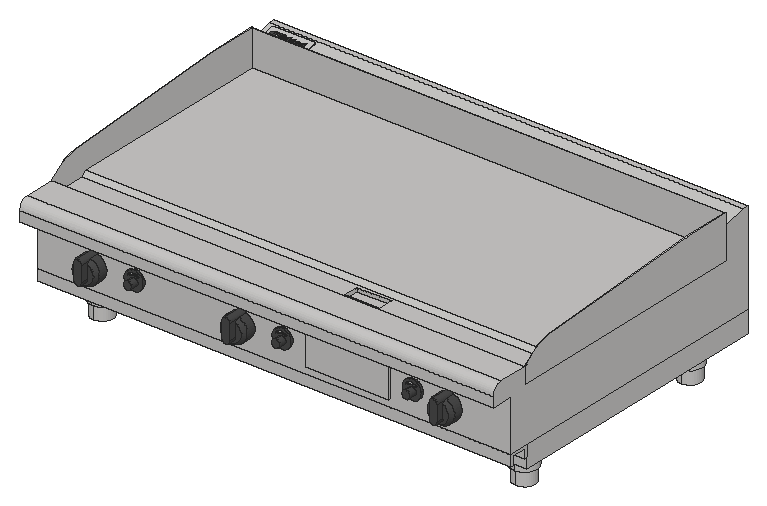
Revit family "QF_MOFFAT WALDORF_GPL8120G-B", category Specialty Equipment, Revit 2012
Parameters
  Width [instance] = 47.24409"  # constant formula
  Weight in Pounds = 432.1055  # constant formula
  URL Cutsheet = "www.moffat.com"
  URL = "www.moffat.com"
  Type Mark [instance] = ""
  Status [instance] = ""
  Specification by User [instance] = ""
  Specification by Manufacturer = ""
  Show Logo [instance] = yes
  Serial Number = ""
  Seismic Rating = ""
  SMACNA No = ""
  Revision Code [instance] = ""
  Omniclass Number and Title = ""
  NAFEM Spec ID Number = ""
  Model = "GPL8120G-B"
  Mechanical Remarks [instance] = ""
  Mechanical Connection Type [instance] = ""
  Masterspec = ""
  Manufacturer = "MOFFAT WALDORF"
  Item Number [instance] = ""
  Installed By [instance] = ""
  Identify Quantity as Lot [instance] = yes
  Height [instance] = 14.56693"  # constant formula
  Gas Size = 3/4"
  Gas RI Height [instance] = 0"
  Gas KW [instance] = 30
  Gas Input [instance] = 102364.0 Btu/h
  Gas Connection Height = 0"
  Furnished By [instance] = ""
  Foodservice Equipment Identifier [instance] = yes
  Description = "GRIDDLE PLATE LOW SPLASHBACK GAS ON BENCH MOUNT"
  Depth [instance] = 31.69291"  # constant formula
  CSI MasterFormat = ""
  CSI Master Format = ""
  Base Height [instance] = 3.14961"
Reference planes (in)
  plane 1 "BACK": y = 0
  plane 2: z = 0
  plane 3 "LEFT": x = 0
  plane 4 "RIGHT": x = 47.24409
  plane 5 "FRONT": y = -31.69291
  plane 6 "TOP": z = 14.56693
  plane 7 "Center Y": x = 23.62205
  plane 8 "Center X": y = -15.84646
  plane 9 "Base Height": z = 3.14961
  plane 10: x = 2.55906
  plane 11: x = 44.64567
Forms (in)
  Extrusion 1, solid, material "QF_Finishes_Stainless Steel"
    sketch origin (0, 0, 0) x (0, 1, 0) y (0, 0, 1)
      loop
        line (-31.69291, 11.45669) -> (-31.69291, 10.47244) -> (-29.48819, 10.47244) -> (-29.48819, 5.31496) -> (0, 5.31496) -> (0, 14.56693) -> (-0.50601, 14.56693) -> (-2.46403, 14.07874)
        arc (-2.46403, 14.07874) -> (-2.69717, 13.90858) -> (-2.75591, 13.62598) r 0.40149
        line (-2.75591, 13.62598) -> (-2.75591, 10.82677) -> (-27.75591, 10.82677) -> (-27.75591, 12.40157) -> (-30.74803, 12.40157)
        arc (-30.74803, 12.40157) -> (-31.41616, 12.12483) -> (-31.69291, 11.45669) r 0.94488
      loop
        line (0, 3.14961) -> (0, 5.28371) -> (-27.51969, 5.28371) -> (-27.51969, 3.14961) -> (0, 3.14961)
      loop
        line (-29.48819, 5.28371) -> (-29.48819, 4.21334) -> (-29.23622, 4.21334) -> (-29.23622, 5.03174) -> (-27.81102, 5.03174) -> (-27.81102, 4.21334) -> (-27.55906, 4.21334) -> (-27.55906, 5.28371) -> (-29.48819, 5.28371)
    from 0 to 47.24409
  Revolve 2, solid, material "QF_Finishes_Stainless Steel"
    sketch origin (44.64567, -8.26772, 0) x (0, 1, 0) y (0, 0, -1)
      loop
        line (3.08071, -3.14961) -> (4.33071, -3.14961) -> (4.33071, 0) -> (3.24803, 0) -> (3.24803, -1.37795) -> (3.08071, -1.37795) -> (3.08071, -3.14961)
      axis (4.33071, -3.14961) -> (4.33071, 0)
    angle from 0 to 360
  Revolve 3, solid, material "QF_Finishes_Stainless Steel"
    sketch origin (2.55906, -8.26772, 0) x (0, 1, 0) y (0, 0, 1)
      loop
        line (3.08071, 3.14961) -> (3.08071, 1.37795) -> (3.24803, 1.37795) -> (3.24803, 0) -> (4.33071, 0) -> (4.33071, 3.14961) -> (3.08071, 3.14961)
      axis (4.33071, 3.14961) -> (4.33071, 0)
    angle from 0 to 360
  Extrusion 4, solid, material "QF_Finishes_Stainless Steel"
    sketch origin (27.75591, 0.11811, -19.68504) x (1, 0, 0) y (0, 1, 0)
      loop
        circle (14.33071, -1.37795) r 0.5315
    from 21.85039 to 22.83465
  Revolve 5, solid, material "QF_Finishes_Black"
    sketch origin (5.90551, 0, -0.00498) x (0, 1, 0) y (0, 0, -1)
      loop
        line (-30.7874, -9.03543) -> (-29.88189, -9.03543) -> (-29.88189, -7.95276) -> (-29.48819, -7.95276) -> (-29.48819, -7.75591) -> (-31.22047, -7.75591) -> (-31.22047, -8.80517) -> (-30.7874, -9.03543)
      axis (-31.22047, -7.75591) -> (-29.48819, -7.75591)
    angle from 0 to 360
  Extrusion 6, solid, material "QF_Finishes_Black"
    sketch origin (11.34919, 0, 0.00123) x (-1, 0, 0) y (0, 0, -1)
      loop
        arc (5.83735, -7.28223) -> (5.44365, -6.88853) -> (5.04995, -7.28223) r 0.3937
        line (5.04995, -7.28223) -> (5.04995, -8.81767)
        arc (5.04995, -8.81767) -> (5.44365, -9.21137) -> (5.83735, -8.81767) r 0.3937
        line (5.83735, -8.81767) -> (5.83735, -7.28223)
    from 29.88189 to 31.81102
  Revolve 7, solid, material "QF_Finishes_Stainless Steel"
    sketch origin (44.64567, -28.93701, 0) x (0, 1, 0) y (0, 0, -1)
      loop
        line (3.08071, -3.14961) -> (4.33071, -3.14961) -> (4.33071, 0) -> (3.24803, 0) -> (3.24803, -1.37795) -> (3.08071, -1.37795) -> (3.08071, -3.14961)
      axis (4.33071, -3.14961) -> (4.33071, 0)
    angle from 0 to 360
  Revolve 8, solid, material "QF_Finishes_Stainless Steel"
    sketch origin (2.55906, -28.93701, 0) x (0, 1, 0) y (0, 0, 1)
      loop
        line (3.08071, 3.14961) -> (3.08071, 1.37795) -> (3.24803, 1.37795) -> (3.24803, 0) -> (4.33071, 0) -> (4.33071, 3.14961) -> (3.08071, 3.14961)
      axis (4.33071, 3.14961) -> (4.33071, 0)
    angle from 0 to 360
  Extrusion 9, solid, material "QF_Finishes_Stainless Steel"
    sketch origin (1.68504, -29.48819, 10.47244) x (0, 0, -1) y (1, 0, 0)
      loop
        line (1.04331, 25.19685) -> (4.4685, 25.19685) -> (4.4685, 33.46457) -> (1.04331, 33.46457) -> (1.04331, 25.19685)
    from 0 to 0.09843
  Extrusion 10, solid, material "QF_Finishes_Stainless Steel"
    sketch origin (1.68504, -29.58661, 10.47244) x (0, 0, -1) y (1, 0, 0)
      loop
        line (1.3189, 33.46457) -> (1.04331, 33.46457) -> (1.04331, 25.19685) -> (1.3189, 25.19685) -> (1.3189, 33.46457)
    from 0 to 0.19685
  Extrusion 11, solid, material "QF_Finishes_Black"
    sketch origin (0, -29.48819, 10.47244) x (0, 0, -1) y (1, 0, 0)
      loop
        circle (2.70669, 9.74409) r 0.94488
      loop
        arc (2.31694, 10.33124) -> (2.00055, 9.749) -> (2.30836, 9.16218) r 0.70345
        arc (2.30836, 9.16218) -> (2.32725, 9.15095) -> (2.34753, 9.15943) r 0.02445
        arc (2.34753, 9.15943) -> (2.40409, 9.26016) -> (2.41764, 9.37489) r 0.29507
        arc (2.41764, 9.37489) -> (2.4096, 9.41142) -> (2.39196, 9.44439) r 0.1367
        arc (2.39196, 9.44439) -> (2.30175, 9.73823) -> (2.38559, 10.03395) r 0.54277
        arc (2.38559, 10.03395) -> (2.41079, 10.08392) -> (2.42122, 10.13891) r 0.20083
        arc (2.42122, 10.13891) -> (2.40663, 10.23806) -> (2.35565, 10.32436) r 0.26029
        arc (2.35565, 10.32436) -> (2.33749, 10.33451) -> (2.31694, 10.33124) r 0.03175
    from 0 to 0.19685
  Extrusion 12, solid, material "QF_Finishes_Black"
    sketch origin (0, -29.68504, 10.47244) x (0, 0, -1) y (1, 0, 0)
      loop
        circle (2.84449, 9.74409) r 0.3937
    from 0 to 0.71853
  Revolve 13, solid, material "QF_Finishes_Black"
    sketch origin (41.33858, 0, -0.00498) x (0, 1, 0) y (0, 0, 1)
      loop
        line (-30.7874, 9.03543) -> (-31.22047, 8.80517) -> (-31.22047, 7.75591) -> (-29.48819, 7.75591) -> (-29.48819, 7.95276) -> (-29.88189, 7.95276) -> (-29.88189, 9.03543) -> (-30.7874, 9.03543)
      axis (-31.22047, 7.75591) -> (-29.48819, 7.75591)
    angle from 0 to 360
  Extrusion 14, solid, material "QF_Finishes_Black"
    sketch origin (35.8949, 0, 0.00123) x (1, 0, 0) y (0, 0, 1)
      loop
        line (5.83735, 7.28223) -> (5.83735, 8.81767)
        arc (5.83735, 8.81767) -> (5.44365, 9.21137) -> (5.04995, 8.81767) r 0.3937
        line (5.04995, 8.81767) -> (5.04995, 7.28223)
        arc (5.04995, 7.28223) -> (5.44365, 6.88853) -> (5.83735, 7.28223) r 0.3937
    from 29.88189 to 31.81102
  Extrusion 15, solid, material "QF_Finishes_Black"
    sketch origin (47.24409, -29.48819, 10.47244) x (0, 0, -1) y (1, 0, 0)
      loop
        circle (2.70669, -9.74409) r 0.94488
      loop
        arc (2.31694, -10.33124) -> (2.33749, -10.33451) -> (2.35565, -10.32436) r 0.03175
        arc (2.35565, -10.32436) -> (2.40663, -10.23806) -> (2.42122, -10.13891) r 0.26029
        arc (2.42122, -10.13891) -> (2.41079, -10.08392) -> (2.38559, -10.03395) r 0.20083
        arc (2.38559, -10.03395) -> (2.30175, -9.73823) -> (2.39196, -9.44439) r 0.54277
        arc (2.39196, -9.44439) -> (2.4096, -9.41142) -> (2.41764, -9.37489) r 0.1367
        arc (2.41764, -9.37489) -> (2.40409, -9.26016) -> (2.34753, -9.15943) r 0.29507
        arc (2.34753, -9.15943) -> (2.32725, -9.15095) -> (2.30836, -9.16218) r 0.02445
        arc (2.30836, -9.16218) -> (2.00055, -9.749) -> (2.31694, -10.33124) r 0.70345
    from 0 to 0.19685
  Extrusion 16, solid, material "QF_Finishes_Black"
    sketch origin (47.24409, -29.68504, 10.47244) x (0, 0, -1) y (1, 0, 0)
      loop
        circle (2.84449, -9.74409) r 0.3937
    from 0 to 0.71853
  Revolve 17, solid, material "QF_Finishes_Black"
    sketch origin (20.66929, 0, -0.00498) x (0, 1, 0) y (0, 0, -1)
      loop
        line (-30.7874, -9.03543) -> (-29.88189, -9.03543) -> (-29.88189, -7.95276) -> (-29.48819, -7.95276) -> (-29.48819, -7.75591) -> (-31.22047, -7.75591) -> (-31.22047, -8.80517) -> (-30.7874, -9.03543)
      axis (-31.22047, -7.75591) -> (-29.48819, -7.75591)
    angle from 0 to 360
  Extrusion 18, solid, material "QF_Finishes_Black"
    sketch origin (26.11297, 0, 0.00123) x (-1, 0, 0) y (0, 0, -1)
      loop
        arc (5.83735, -7.28223) -> (5.44365, -6.88853) -> (5.04995, -7.28223) r 0.3937
        line (5.04995, -7.28223) -> (5.04995, -8.81767)
        arc (5.04995, -8.81767) -> (5.44365, -9.21137) -> (5.83735, -8.81767) r 0.3937
        line (5.83735, -8.81767) -> (5.83735, -7.28223)
    from 29.88189 to 31.81102
  Extrusion 19, solid, material "QF_Finishes_Black"
    sketch origin (14.76378, -29.48819, 10.47244) x (0, 0, -1) y (1, 0, 0)
      loop
        circle (2.70669, 9.74409) r 0.94488
      loop
        arc (2.31694, 10.33124) -> (2.00055, 9.749) -> (2.30836, 9.16218) r 0.70345
        arc (2.30836, 9.16218) -> (2.32725, 9.15095) -> (2.34753, 9.15943) r 0.02445
        arc (2.34753, 9.15943) -> (2.40409, 9.26016) -> (2.41764, 9.37489) r 0.29507
        arc (2.41764, 9.37489) -> (2.4096, 9.41142) -> (2.39196, 9.44439) r 0.1367
        arc (2.39196, 9.44439) -> (2.30175, 9.73823) -> (2.38559, 10.03395) r 0.54277
        arc (2.38559, 10.03395) -> (2.41079, 10.08392) -> (2.42122, 10.13891) r 0.20083
        arc (2.42122, 10.13891) -> (2.40663, 10.23806) -> (2.35565, 10.32436) r 0.26029
        arc (2.35565, 10.32436) -> (2.33749, 10.33451) -> (2.31694, 10.33124) r 0.03175
    from 0 to 0.19685
  Extrusion 20, solid, material "QF_Finishes_Black"
    sketch origin (14.76378, -29.68504, 10.47244) x (0, 0, -1) y (1, 0, 0)
      loop
        circle (2.84449, 9.74409) r 0.3937
    from 0 to 0.71853
Cuts and joins
  joined: Revolve 5, Extrusion 6
  joined: Extrusion 9, Extrusion 10
Lines and regions (in)
  Split face 1
    outline origin (1.93159, -0.78414, 14.49758) x (0, -0.970296, -0.241922) y (1, 0, 0)
      loop
        line (-0.08281, 4.15354) -> (1.41087, 4.15354) -> (1.41087, 4.94094) -> (-0.08281, 4.94094) -> (-0.08281, 4.15354)
  Split face 2
    outline origin (3.9001, -0.78414, 14.49758) x (0, -0.970296, -0.241922) y (1, 0, 0)
      loop
        line (-0.08281, 4.15354) -> (1.41087, 4.15354) -> (1.41087, 4.94094) -> (-0.08281, 4.94094) -> (-0.08281, 4.15354)
  Split face 3
    outline origin (5.8686, -0.78414, 14.49758) x (0, -0.970296, -0.241922) y (1, 0, 0)
      loop
        line (-0.08281, 4.15354) -> (1.41087, 4.15354) -> (1.41087, 4.94094) -> (-0.08281, 4.94094) -> (-0.08281, 4.15354)
  Split face 4
    outline origin (7.83711, -0.78414, 14.49758) x (0, -0.970296, -0.241922) y (1, 0, 0)
      loop
        line (-0.08281, 4.15354) -> (1.41087, 4.15354) -> (1.41087, 4.94094) -> (-0.08281, 4.94094) -> (-0.08281, 4.15354)
  Split face 5
    outline origin (9.80561, -0.78414, 14.49758) x (0, -0.970296, -0.241922) y (1, 0, 0)
      loop
        line (-0.08281, 4.15354) -> (1.41087, 4.15354) -> (1.41087, 4.94094) -> (-0.08281, 4.94094) -> (-0.08281, 4.15354)
  Split face 6
    outline origin (11.77411, -0.78414, 14.49758) x (0, -0.970296, -0.241922) y (1, 0, 0)
      loop
        line (-0.08281, 4.15354) -> (1.41087, 4.15354) -> (1.41087, 4.94094) -> (-0.08281, 4.94094) -> (-0.08281, 4.15354)
  Split face 7
    outline origin (2.03002, -0.78414, 14.49758) x (0, -0.970296, -0.241922) y (1, 0, 0)
      loop
        line (-0.08281, 15.96457) -> (1.41087, 15.96457) -> (1.41087, 16.75197) -> (-0.08281, 16.75197) -> (-0.08281, 15.96457)
  Split face 8
    outline origin (3.99852, -0.78414, 14.49758) x (0, -0.970296, -0.241922) y (1, 0, 0)
      loop
        line (-0.08281, 15.96457) -> (1.41087, 15.96457) -> (1.41087, 16.75197) -> (-0.08281, 16.75197) -> (-0.08281, 15.96457)
  Split face 9
    outline origin (5.96703, -0.78414, 14.49758) x (0, -0.970296, -0.241922) y (1, 0, 0)
      loop
        line (-0.08281, 15.96457) -> (1.41087, 15.96457) -> (1.41087, 16.75197) -> (-0.08281, 16.75197) -> (-0.08281, 15.96457)
  Split face 10
    outline origin (7.93553, -0.78414, 14.49758) x (0, -0.970296, -0.241922) y (1, 0, 0)
      loop
        line (-0.08281, 15.96457) -> (1.41087, 15.96457) -> (1.41087, 16.75197) -> (-0.08281, 16.75197) -> (-0.08281, 15.96457)
  Split face 11
    outline origin (9.90404, -0.78414, 14.49758) x (0, -0.970296, -0.241922) y (1, 0, 0)
      loop
        line (-0.08281, 15.96457) -> (1.41087, 15.96457) -> (1.41087, 16.75197) -> (-0.08281, 16.75197) -> (-0.08281, 15.96457)
  Split face 12
    outline origin (11.87254, -0.78414, 14.49758) x (0, -0.970296, -0.241922) y (1, 0, 0)
      loop
        line (-0.08281, 15.96457) -> (1.41087, 15.96457) -> (1.41087, 16.75197) -> (-0.08281, 16.75197) -> (-0.08281, 15.96457)
  Split face 13
    outline origin (13.84104, -0.78414, 14.49758) x (0, -0.970296, -0.241922) y (1, 0, 0)
      loop
        line (-0.08281, 15.96457) -> (1.41087, 15.96457) -> (1.41087, 16.75197) -> (-0.08281, 16.75197) -> (-0.08281, 15.96457)
  Split face 14
    outline origin (15.83899, -0.78414, 14.49758) x (0, -0.970296, -0.241922) y (1, 0, 0)
      loop
        line (-0.08281, 15.96457) -> (1.41087, 15.96457) -> (1.41087, 16.75197) -> (-0.08281, 16.75197) -> (-0.08281, 15.96457)
  Split face 15
    outline origin (17.8075, -0.78414, 14.49758) x (0, -0.970296, -0.241922) y (1, 0, 0)
      loop
        line (-0.08281, 15.96457) -> (1.41087, 15.96457) -> (1.41087, 16.75197) -> (-0.08281, 16.75197) -> (-0.08281, 15.96457)
  symbolic lines, visible <- "Show Logo"
    curve 1: line (0.49213, -2.04962, 0) -> (0.49213, -0.83067, 0)
    curve 2: line (4.78346, -0.83067, 0) -> (4.78346, -2.04962, 0)
    curve 3: line (0.49213, -0.83067, 0) -> (4.78346, -0.83067, 0)
    curve 4: line (0.49213, -2.04962, 0) -> (4.78346, -2.04962, 0)
  symbolic lines
    curve 5: line (6.08514, -1.99931, 0) -> (6.08514, -0.82613, 0)
    curve 6: line (6.08514, -0.82613, 0) -> (6.87254, -0.82613, 0)
    curve 7: line (6.87254, -0.82613, 0) -> (6.87254, -1.99931, 0)
    curve 8: line (6.87254, -1.99931, 0) -> (6.08514, -1.99931, 0)
    curve 9: line (8.05364, -0.82613, 0) -> (8.05364, -1.99931, 0)
    curve 10: line (8.05364, -1.99931, 0) -> (8.84104, -1.99931, 0)
    curve 11: line (8.84104, -1.99931, 0) -> (8.84104, -0.82613, 0)
    curve 12: line (8.84104, -0.82613, 0) -> (8.05364, -0.82613, 0)
    curve 13: line (10.02215, -0.82613, 0) -> (10.02215, -1.99931, 0)
    curve 14: line (10.02215, -1.99931, 0) -> (10.80955, -1.99931, 0)
    curve 15: line (10.80955, -1.99931, 0) -> (10.80955, -0.82613, 0)
    curve 16: line (10.80955, -0.82613, 0) -> (10.02215, -0.82613, 0)
    curve 17: line (0, -31.69291, 0) -> (47.24409, -31.69291, 0)
    curve 18: line (0, 0, 0) -> (0, -31.69291, 0)
    curve 19: line (47.24409, 0, 0) -> (0, 0, 0)
    curve 20: line (0, -2.75591, 0) -> (47.24409, -2.75591, 0)
    curve 21: line (47.24409, -27.75591, 0) -> (0, -27.75591, 0)
    curve 22: line (11.99065, -0.82613, 0) -> (11.99065, -1.99931, 0)
    curve 23: line (11.99065, -1.99931, 0) -> (12.77805, -1.99931, 0)
    curve 24: line (12.77805, -1.99931, 0) -> (12.77805, -0.82613, 0)
    curve 25: line (12.77805, -0.82613, 0) -> (11.99065, -0.82613, 0)
    curve 26: line (13.95915, -0.82613, 0) -> (13.95915, -1.99931, 0)
    curve 27: line (13.95915, -1.99931, 0) -> (14.74656, -1.99931, 0)
    curve 28: line (14.74656, -1.99931, 0) -> (14.74656, -0.82613, 0)
    curve 29: line (14.74656, -0.82613, 0) -> (13.95915, -0.82613, 0)
    curve 30: line (15.92766, -0.82613, 0) -> (15.92766, -1.99931, 0)
    curve 31: line (15.92766, -1.99931, 0) -> (16.71506, -1.99931, 0)
    curve 32: line (16.71506, -1.99931, 0) -> (16.71506, -0.82613, 0)
    curve 33: line (16.71506, -0.82613, 0) -> (15.92766, -0.82613, 0)
    curve 34: line (17.99459, -0.82613, 0) -> (17.99459, -1.99931, 0)
    curve 35: line (17.99459, -1.99931, 0) -> (18.78199, -1.99931, 0)
    curve 36: line (18.78199, -1.99931, 0) -> (18.78199, -0.82613, 0)
    curve 37: line (18.78199, -0.82613, 0) -> (17.99459, -0.82613, 0)
    curve 38: line (19.96309, -0.82613, 0) -> (19.96309, -1.99931, 0)
    curve 39: line (19.96309, -1.99931, 0) -> (20.75049, -1.99931, 0)
    curve 40: line (20.75049, -1.99931, 0) -> (20.75049, -0.82613, 0)
    curve 41: line (20.75049, -0.82613, 0) -> (19.96309, -0.82613, 0)
    curve 42: line (21.93159, -1.99931, 0) -> (22.719, -1.99931, 0)
    curve 43: line (22.719, -1.99931, 0) -> (22.719, -0.82613, 0)
    curve 44: line (22.719, -0.82613, 0) -> (21.93159, -0.82613, 0)
    curve 45: line (21.93159, -0.82613, 0) -> (21.93159, -1.99931, 0)
    curve 46: line (23.9001, -1.99931, 0) -> (24.6875, -1.99931, 0)
    curve 47: line (24.6875, -1.99931, 0) -> (24.6875, -0.82613, 0)
    curve 48: line (24.6875, -0.82613, 0) -> (23.9001, -0.82613, 0)
    curve 49: line (23.9001, -0.82613, 0) -> (23.9001, -1.99931, 0)
    curve 50: line (26.656, -1.99931, 0) -> (25.8686, -1.99931, 0)
    curve 51: line (25.8686, -1.99931, 0) -> (25.8686, -0.82613, 0)
    curve 52: line (25.8686, -0.82613, 0) -> (26.656, -0.82613, 0)
    curve 53: line (26.656, -0.82613, 0) -> (26.656, -1.99931, 0)
    curve 54: line (27.83711, -1.99931, 0) -> (28.62451, -1.99931, 0)
    curve 55: line (28.62451, -1.99931, 0) -> (28.62451, -0.82613, 0)
    curve 56: line (28.62451, -0.82613, 0) -> (27.83711, -0.82613, 0)
    curve 57: line (27.83711, -0.82613, 0) -> (27.83711, -1.99931, 0)
    curve 58: line (29.80561, -1.99931, 0) -> (30.59301, -1.99931, 0)
    curve 59: line (30.59301, -1.99931, 0) -> (30.59301, -0.82613, 0)
    curve 60: line (30.59301, -0.82613, 0) -> (29.80561, -0.82613, 0)
    curve 61: line (29.80561, -0.82613, 0) -> (29.80561, -1.99931, 0)
    curve 62: line (31.80356, -1.99931, 0) -> (32.59096, -1.99931, 0)
    curve 63: line (32.59096, -1.99931, 0) -> (32.59096, -0.82613, 0)
    curve 64: line (32.59096, -0.82613, 0) -> (31.80356, -0.82613, 0)
    curve 65: line (31.80356, -0.82613, 0) -> (31.80356, -1.99931, 0)
    curve 66: line (33.77207, -1.99931, 0) -> (34.55947, -1.99931, 0)
    curve 67: line (34.55947, -1.99931, 0) -> (34.55947, -0.82613, 0)
    curve 68: line (34.55947, -0.82613, 0) -> (33.77207, -0.82613, 0)
    curve 69: line (33.77207, -0.82613, 0) -> (33.77207, -1.99931, 0)
    curve 70: line (47.24409, -31.69291, 0) -> (47.24409, 0, 0)
Dimensions and locks (in)
  equal spacing: plane 3 "LEFT", plane 7 "Center Y", plane 4 "RIGHT"
  "Width": plane 3 "LEFT" to plane 4 "RIGHT"
  equal spacing: plane 5 "FRONT", plane 8 "Center X", plane 1 "BACK"
  "Depth": plane 5 "FRONT" to plane 1 "BACK"
  "Base Height": plane 9 "Base Height" to level
  locked: plane 6 "TOP" to plane 9 "Base Height" at 11.41732
  level to Extrusion 4 = 2.16535"
  locked: Extrusion 4 to plane 9 "Base Height" at 0.98425
  plane 6 "TOP" to nested 1 to nested 1 = 0.07209" locked, 85/256" locked
  plane 11 to plane 10 = 42.08661"
  plane 6 "TOP" to level = 14.56693"
  aligned and locked: level to plane 2
  aligned and locked: plane 9 "Base Height" to Extrusion 4
  aligned and locked: Revolve 3 sketch curve to plane 9 "Base Height"
Automatic sketch dimensions
  curve 17 to plane 3 "LEFT" = 0"
  plane 1 "BACK" to curve 19 = 0"
  curve 19 to plane 4 "RIGHT" = 0"
  plane 5 "FRONT" to curve 17 = 0"
  plane 3 "LEFT" to curve 1 = 0.49213"
  plane 10 to curve 4 = 2.22441"
  curve 2 to curve 6 = 1.30167"
  curve 5 to curve 8 = 0.7874"
  curve 6 to curve 12 = 1.1811"
  curve 9 to curve 10 = 0.7874"
  curve 11 to curve 16 = 1.1811"
  curve 13 to curve 15 = 0.7874"
  curve 15 to curve 22 = 1.1811"
  curve 22 to curve 24 = 0.7874"
  curve 23 to curve 26 = 1.1811"
  curve 26 to curve 27 = 0.7874"
  curve 27 to curve 30 = 1.1811"
  curve 30 to curve 32 = 0.7874"
  curve 31 to curve 34 = 1.27953"
  curve 34 to curve 35 = 0.7874"
  curve 36 to curve 38 = 1.1811"
  curve 38 to curve 41 = 0.7874"
  curve 39 to curve 42 = 1.1811"
  curve 44 to curve 43 = 0.7874"
  plane 7 "Center Y" to curve 48 = 0.27805"
  curve 46 to curve 46 = 0.7874"
  curve 47 to curve 52 = 1.1811"
  curve 51 to curve 53 = 0.7874"
  curve 50 to curve 54 = 1.1811"
  curve 56 to curve 56 = 0.7874"
  curve 55 to curve 61 = 1.1811"
  curve 58 to curve 58 = 0.7874"
  curve 58 to curve 62 = 1.21055"
  curve 62 to curve 62 = 0.7874"
  curve 63 to curve 68 = 1.1811"
  curve 66 to curve 66 = 0.7874"
  curve 21 to plane 5 "FRONT" = 3.93701"
  curve 20 to curve 19 = 2.75591"
  plane 1 "BACK" to curve 2 = 2.04962"
  plane 1 "BACK" to curve 7 = 1.99931"
  plane 1 "BACK" to curve 59 = 1.99931"
  curve 7 to curve 9 = 0"
  curve 57 to curve 58 = 0"
  curve 10 to curve 13 = 0"
  curve 53 to curve 54 = 0"
  curve 58 to curve 62 = 0"
  curve 62 to curve 66 = 0"
  curve 49 to curve 50 = 0"
  curve 14 to curve 22 = 0"
  curve 45 to curve 46 = 0"
  curve 23 to curve 26 = 0"
  curve 40 to curve 42 = 0"
  curve 27 to curve 30 = 0"
  curve 36 to curve 38 = 0"
  plane 1 "BACK" to curve 2 = 0.83067"
  plane 1 "BACK" to curve 33 = 0.82613"
  plane 1 "BACK" to curve 40 = 0.82613"
  plane 1 "BACK" to curve 29 = 0.82613"
  plane 1 "BACK" to curve 43 = 0.82613"
  plane 1 "BACK" to curve 25 = 0.82613"
  plane 1 "BACK" to curve 47 = 0.82613"
  plane 1 "BACK" to curve 69 = 0.82613"
  plane 1 "BACK" to curve 52 = 0.82613"
  plane 1 "BACK" to curve 16 = 0.82613"
  plane 1 "BACK" to curve 55 = 0.82613"
  plane 1 "BACK" to curve 12 = 0.82613"
  plane 1 "BACK" to curve 59 = 0.82613"
  plane 1 "BACK" to curve 7 = 0.82613"
  plane 1 "BACK" to curve 63 = 0.82613"
  plane 1 "BACK" to curve 37 = 0.82613"
  Revolve 2 sketch curve to plane 9 "Base Height" = 0"
  Revolve 2 sketch curve to level = 0"
  level to Revolve 2 sketch curve = 1.37795"
  plane 1 "BACK" to Revolve 2 sketch curve = 5.18701"
  Revolve 2 sketch curve to Revolve 2 sketch curve = 0.16732"
  Revolve 2 sketch curve to Revolve 2 sketch curve = 1.08268"
  Revolve 2 sketch curve to Revolve 2 sketch curve = 0"
  Revolve 2 sketch curve to Revolve 2 sketch curve = 1.1811"
  Revolve 2 sketch curve to Revolve 2 sketch curve = 2.16535"
  Revolve 3 sketch curve to level = 0"
  level to Revolve 3 sketch curve = 1.37795"
  plane 1 "BACK" to Revolve 3 sketch curve = 5.18701"
  Revolve 3 sketch curve to Revolve 3 sketch curve = 0.16732"
  Revolve 3 sketch curve to Revolve 3 sketch curve = 1.08268"
  Revolve 3 sketch curve to Revolve 3 sketch curve = 0"
  Revolve 3 sketch curve to Revolve 3 sketch curve = 2.16535"
  Revolve 3 sketch curve to Revolve 3 sketch curve = 1.1811"
  plane 1 "BACK" to Extrusion 4 sketch curve = 1.25984"
  plane 11 to Extrusion 4 sketch curve = 2.55906"
  Revolve 5 sketch curve to plane 5 "FRONT" = 0.47244"
  Revolve 5 sketch curve to Revolve 5 sketch curve = 0"  (x2)
  Revolve 5 sketch curve to Revolve 5 sketch curve = 0.43307"
  Revolve 5 sketch curve to Revolve 5 sketch curve = 1/2"
  Revolve 5 sketch curve to Revolve 5 sketch curve = 0.90551"
  Revolve 5 sketch curve to Revolve 5 sketch curve = 0.3937"
  plane 9 "Base Height" to Revolve 5 sketch curve = 5.88084"
  Revolve 5 sketch curve to Revolve 5 sketch curve = 0.23027"
  Revolve 5 sketch curve to Revolve 5 sketch curve = 1.08268"
  Revolve 5 sketch curve to Revolve 5 sketch curve = 0.19685"
  plane 10 to Extrusion 6 sketch curve = 3.74019"
  Extrusion 6 sketch curve to Extrusion 6 sketch curve = 0.3937"
  plane 9 "Base Height" to Extrusion 6 sketch curve = 5.66929"
  Extrusion 6 sketch curve to Extrusion 6 sketch curve = 1.53543"
  Extrusion 1 to Split face 1 sketch curve = 0.20384"
  Split face 1 sketch curve to Extrusion 1 = 6.08514"
  Split face 1 sketch curve to Split face 1 sketch curve = 0.7874"
  Revolve 7 sketch curve to plane 9 "Base Height" = 0"
  Revolve 7 sketch curve to level = 0"
  level to Revolve 7 sketch curve = 1.37795"
  Revolve 7 sketch curve to plane 5 "FRONT" = 5.83661"
  Revolve 7 sketch curve to Revolve 7 sketch curve = 0.16732"
  Revolve 7 sketch curve to Revolve 7 sketch curve = 1.08268"
  Revolve 7 sketch curve to Revolve 7 sketch curve = 0"
  Revolve 7 sketch curve to Revolve 7 sketch curve = 1.1811"
  Revolve 7 sketch curve to Revolve 7 sketch curve = 2.16535"
  Revolve 8 sketch curve to plane 9 "Base Height" = 0"
  Revolve 8 sketch curve to level = 0"
  level to Revolve 8 sketch curve = 1.37795"
  Revolve 8 sketch curve to plane 5 "FRONT" = 5.83661"
  Revolve 8 sketch curve to Revolve 8 sketch curve = 0.16732"
  Revolve 8 sketch curve to Revolve 8 sketch curve = 1.08268"
  Revolve 8 sketch curve to Revolve 8 sketch curve = 0"
  Revolve 8 sketch curve to Revolve 8 sketch curve = 2.16535"
  Revolve 8 sketch curve to Revolve 8 sketch curve = 1.1811"
  Extrusion 1 to Split face 2 sketch curve = 0.20384"
  Split face 2 sketch curve to Extrusion 1 = 8.05364"
  Split face 2 sketch curve to Split face 2 sketch curve = 0.7874"
  Extrusion 1 to Split face 3 sketch curve = 0.20384"
  Split face 3 sketch curve to Extrusion 1 = 10.02215"
  Split face 3 sketch curve to Split face 3 sketch curve = 0.7874"
  Extrusion 1 to Extrusion 9 sketch curve = 1.04331"
  Extrusion 9 sketch curve to Extrusion 1 = 0.68898"
  Extrusion 1 to Extrusion 9 sketch curve = 20.3622"
  Extrusion 9 sketch curve to Extrusion 9 sketch curve = 8.26772"
  Extrusion 10 sketch curve to Extrusion 9 = 0"  (x2)
  Extrusion 9 to Extrusion 10 sketch curve = 0"
  Extrusion 10 sketch curve to Extrusion 9 = 0.27559"
  Extrusion 1 to Extrusion 11 sketch curve = 2.1235"
  Extrusion 11 sketch curve to Extrusion 11 sketch curve = 0.03772"
  Extrusion 11 sketch curve to Extrusion 11 sketch curve = 0.0594"
  Extrusion 11 sketch curve to Extrusion 11 sketch curve = 0.15788"
  Extrusion 11 sketch curve to Extrusion 11 sketch curve = 0.02698"
  Extrusion 11 sketch curve to Extrusion 11 sketch curve = 0.09632"
  Extrusion 11 sketch curve to Extrusion 11 sketch curve = 0.02061"
  Extrusion 11 sketch curve to Extrusion 11 sketch curve = 0.015"
  Extrusion 11 sketch curve to Extrusion 11 sketch curve = 0.01857"
  Extrusion 11 sketch curve to Extrusion 11 sketch curve = 0"  (x5)
  Extrusion 11 sketch curve to Extrusion 11 sketch curve = 0.02372"
  Extrusion 11 sketch curve to Extrusion 11 sketch curve = 0.16497"
  Extrusion 11 sketch curve to Extrusion 11 sketch curve = 0.11058"
  Extrusion 11 sketch curve to Extrusion 11 sketch curve = 0.02568"
  Extrusion 11 sketch curve to Extrusion 11 sketch curve = 0.03563"
  Extrusion 11 sketch curve to Extrusion 11 sketch curve = 0.31839"
  Extrusion 11 sketch curve to Extrusion 11 sketch curve = 0.00271"
  Extrusion 11 sketch curve to Extrusion 11 sketch curve = 0.1378"
  Extrusion 1 to Extrusion 11 sketch curve = 9.15943"
  Extrusion 11 sketch curve to Extrusion 11 sketch curve = 0.00276"
  Extrusion 11 sketch curve to Extrusion 11 sketch curve = 0.29944"
  Extrusion 11 sketch curve to Extrusion 11 sketch curve = 0.00026"
  Extrusion 1 to Split face 4 sketch curve = 0.20384"
  Split face 4 sketch curve to Extrusion 1 = 11.99065"
  Split face 4 sketch curve to Split face 4 sketch curve = 0.7874"
  Extrusion 1 to Split face 5 sketch curve = 0.20384"
  Split face 5 sketch curve to Extrusion 1 = 13.95915"
  Split face 5 sketch curve to Split face 5 sketch curve = 0.7874"
  Extrusion 1 to Split face 6 sketch curve = 0.20384"
  Split face 6 sketch curve to Extrusion 1 = 15.92766"
  Split face 6 sketch curve to Split face 6 sketch curve = 0.7874"
  Extrusion 1 to Split face 7 sketch curve = 0.20384"
  Split face 7 sketch curve to Extrusion 1 = 17.99459"
  Split face 7 sketch curve to Split face 7 sketch curve = 0.7874"
  Extrusion 1 to Split face 8 sketch curve = 0.20384"
  Split face 8 sketch curve to Extrusion 1 = 19.96309"
  Split face 8 sketch curve to Split face 8 sketch curve = 0.7874"
  Extrusion 1 to Split face 9 sketch curve = 0.20384"
  Split face 9 sketch curve to Extrusion 1 = 21.93159"
  Split face 9 sketch curve to Split face 9 sketch curve = 0.7874"
  Extrusion 1 to Split face 10 sketch curve = 0.20384"
  Split face 10 sketch curve to Extrusion 1 = 23.344"
  Split face 10 sketch curve to Split face 10 sketch curve = 0.7874"
  Extrusion 1 to Split face 11 sketch curve = 0.20384"
  Split face 11 sketch curve to Extrusion 1 = 21.37549"
  Split face 11 sketch curve to Split face 11 sketch curve = 0.7874"
  Revolve 13 sketch curve to plane 5 "FRONT" = 0.47244"
  Revolve 13 sketch curve to Revolve 13 sketch curve = 0"  (x2)
  Revolve 13 sketch curve to Revolve 13 sketch curve = 0.43307"
  Revolve 13 sketch curve to Revolve 13 sketch curve = 1/2"
  Revolve 13 sketch curve to Revolve 13 sketch curve = 0.90551"
  Revolve 13 sketch curve to Revolve 13 sketch curve = 0.3937"
  plane 9 "Base Height" to Revolve 13 sketch curve = 4.60132"
  Revolve 13 sketch curve to Revolve 13 sketch curve = 0.19685"
  Revolve 13 sketch curve to Revolve 13 sketch curve = 1.04926"
  Revolve 13 sketch curve to Revolve 13 sketch curve = 0.23027"
  plane 11 to Extrusion 14 sketch curve = 3.70082"
  Extrusion 14 sketch curve to Extrusion 14 sketch curve = 0.3937"
  plane 9 "Base Height" to Extrusion 14 sketch curve = 4.13386"
  Extrusion 14 sketch curve to Extrusion 14 sketch curve = 1.53543"
  Extrusion 1 to Extrusion 15 sketch curve = 2.1235"
  Extrusion 15 sketch curve to Extrusion 15 sketch curve = 0.03772"
  Extrusion 15 sketch curve to Extrusion 15 sketch curve = 0.0594"
  Extrusion 15 sketch curve to Extrusion 15 sketch curve = 0.15788"
  Extrusion 15 sketch curve to Extrusion 15 sketch curve = 0.02698"
  Extrusion 15 sketch curve to Extrusion 15 sketch curve = 0.09632"
  Extrusion 15 sketch curve to Extrusion 15 sketch curve = 0.02061"
  Extrusion 15 sketch curve to Extrusion 15 sketch curve = 0.015"
  Extrusion 15 sketch curve to Extrusion 15 sketch curve = 0.01857"
  Extrusion 15 sketch curve to Extrusion 15 sketch curve = 0"  (x5)
  Extrusion 15 sketch curve to Extrusion 15 sketch curve = 0.02372"
  Extrusion 15 sketch curve to Extrusion 15 sketch curve = 0.16497"
  Extrusion 15 sketch curve to Extrusion 15 sketch curve = 0.11058"
  Extrusion 15 sketch curve to Extrusion 15 sketch curve = 0.02568"
  Extrusion 15 sketch curve to Extrusion 15 sketch curve = 0.03563"
  Extrusion 15 sketch curve to Extrusion 15 sketch curve = 0.31839"
  Extrusion 15 sketch curve to Extrusion 15 sketch curve = 0.00271"
  Extrusion 15 sketch curve to Extrusion 15 sketch curve = 0.1378"
  Extrusion 1 to Extrusion 15 sketch curve = 10.33124"
  Extrusion 15 sketch curve to Extrusion 15 sketch curve = 0.00688"
  Extrusion 15 sketch curve to Extrusion 15 sketch curve = 0.28986"
  Extrusion 15 sketch curve to Extrusion 15 sketch curve = 0.00026"
  Revolve 17 sketch curve to plane 5 "FRONT" = 0.47244"
  Revolve 17 sketch curve to Revolve 17 sketch curve = 0"  (x2)
  Revolve 17 sketch curve to Revolve 17 sketch curve = 0.43307"
  Revolve 17 sketch curve to Revolve 17 sketch curve = 1/2"
  Revolve 17 sketch curve to Revolve 17 sketch curve = 0.90551"
  Revolve 17 sketch curve to Revolve 17 sketch curve = 0.3937"
  plane 9 "Base Height" to Revolve 17 sketch curve = 5.88084"
  Revolve 17 sketch curve to Revolve 17 sketch curve = 0.23027"
  Revolve 17 sketch curve to Revolve 17 sketch curve = 1.08268"
  Revolve 17 sketch curve to Revolve 17 sketch curve = 0.19685"
  Extrusion 18 sketch curve to plane 7 "Center Y" = 2.55903"
  Extrusion 18 sketch curve to Extrusion 18 sketch curve = 0.3937"
  plane 9 "Base Height" to Extrusion 18 sketch curve = 5.66929"
  Extrusion 18 sketch curve to Extrusion 18 sketch curve = 1.53543"
  Extrusion 1 to Extrusion 19 sketch curve = 2.1235"
  Extrusion 19 sketch curve to Extrusion 19 sketch curve = 0.03772"
  Extrusion 19 sketch curve to Extrusion 19 sketch curve = 0.0594"
  Extrusion 19 sketch curve to Extrusion 19 sketch curve = 0.15788"
  Extrusion 19 sketch curve to Extrusion 19 sketch curve = 0.02698"
  Extrusion 19 sketch curve to Extrusion 19 sketch curve = 0.09632"
  Extrusion 19 sketch curve to Extrusion 19 sketch curve = 0.02061"
  Extrusion 19 sketch curve to Extrusion 19 sketch curve = 0.015"
  Extrusion 19 sketch curve to Extrusion 19 sketch curve = 0.01857"
  Extrusion 19 sketch curve to Extrusion 19 sketch curve = 0"  (x5)
  Extrusion 19 sketch curve to Extrusion 19 sketch curve = 0.02372"
  Extrusion 19 sketch curve to Extrusion 19 sketch curve = 0.16497"
  Extrusion 19 sketch curve to Extrusion 19 sketch curve = 0.11058"
  Extrusion 19 sketch curve to Extrusion 19 sketch curve = 0.02568"
  Extrusion 19 sketch curve to Extrusion 19 sketch curve = 0.03563"
  Extrusion 19 sketch curve to Extrusion 19 sketch curve = 0.31839"
  Extrusion 19 sketch curve to Extrusion 19 sketch curve = 0.00271"
  Extrusion 19 sketch curve to Extrusion 19 sketch curve = 0.1378"
  Extrusion 1 to Extrusion 19 sketch curve = 23.32089"
  Extrusion 19 sketch curve to Extrusion 19 sketch curve = 0.00276"
  Extrusion 19 sketch curve to Extrusion 19 sketch curve = 0.29944"
  Extrusion 19 sketch curve to Extrusion 19 sketch curve = 0.00026"
  Extrusion 1 to Split face 12 sketch curve = 0.20384"
  Split face 12 sketch curve to Extrusion 1 = 19.40699"
  Split face 12 sketch curve to Split face 12 sketch curve = 0.7874"
  Extrusion 1 to Split face 13 sketch curve = 0.20384"
  Split face 13 sketch curve to Extrusion 1 = 17.43848"
  Split face 13 sketch curve to Split face 13 sketch curve = 0.7874"
  Extrusion 1 to Split face 14 sketch curve = 0.20384"
  Split face 14 sketch curve to Extrusion 1 = 15.44053"
  Split face 14 sketch curve to Split face 14 sketch curve = 0.7874"
  Extrusion 1 to Split face 15 sketch curve = 0.20384"
  Split face 15 sketch curve to Extrusion 1 = 13.47203"
  Split face 15 sketch curve to Split face 15 sketch curve = 0.7874"
  Extrusion 1 sketch curve to plane 5 "FRONT" = 0"
  Extrusion 1 sketch curve to plane 9 "Base Height" = 0"
  Extrusion 1 sketch curve to plane 6 "TOP" = 0"
  Extrusion 1 sketch curve to plane 1 "BACK" = 0"  (x2)
  Extrusion 1 sketch curve to plane 5 "FRONT" = 0.94488"
  Extrusion 1 sketch curve to plane 5 "FRONT" = 2.20472"
  Extrusion 1 sketch curve to Extrusion 1 sketch curve = 0"
  Extrusion 1 sketch curve to Extrusion 1 sketch curve = 0.25197"  (x3)
  Extrusion 1 sketch curve to Extrusion 1 sketch curve = 1.4252"
  Extrusion 1 sketch curve to Extrusion 1 sketch curve = 1.73228"
  Extrusion 1 sketch curve to Extrusion 1 sketch curve = 0.03937"
  plane 1 "BACK" to Extrusion 1 sketch curve = 2.75591"
  Extrusion 1 sketch curve to plane 6 "TOP" = 0.48819"
  Extrusion 1 sketch curve to Extrusion 1 sketch curve = 0.29187"
  Extrusion 1 sketch curve to Extrusion 1 sketch curve = 0.10432"
  plane 1 "BACK" to Extrusion 1 sketch curve = 0.50601"
  plane 9 "Base Height" to Extrusion 1 sketch curve = 1.06373"  (x2)
  Extrusion 1 sketch curve to Extrusion 1 sketch curve = 0.81841"
  plane 9 "Base Height" to Extrusion 1 sketch curve = 2.1341"
  Extrusion 1 sketch curve to Extrusion 1 sketch curve = 1/32"
  Extrusion 1 sketch curve to plane 6 "TOP" = 4.09449"
  Extrusion 1 sketch curve to Extrusion 1 sketch curve = 0.35433"
  Extrusion 1 sketch curve to Extrusion 1 sketch curve = 0.98425"
  Extrusion 1 sketch curve to Extrusion 1 sketch curve = 0.45276"
  Split face 1 sketch curve to Extrusion 1 = 0.32045"
  Split face 2 sketch curve to Extrusion 1 = 0.32045"
  Split face 3 sketch curve to Extrusion 1 = 0.32045"
  Split face 4 sketch curve to Extrusion 1 = 0.32045"
  Split face 5 sketch curve to Extrusion 1 = 0.32045"
  Split face 6 sketch curve to Extrusion 1 = 0.32045"
  Split face 7 sketch curve to Extrusion 1 = 0.32045"
  Split face 8 sketch curve to Extrusion 1 = 0.32045"
  Split face 9 sketch curve to Extrusion 1 = 0.32045"
  Split face 10 sketch curve to Extrusion 1 = 0.32045"
  Split face 11 sketch curve to Extrusion 1 = 0.32045"
  Split face 12 sketch curve to Extrusion 1 = 0.32045"
  Split face 13 sketch curve to Extrusion 1 = 0.32045"
  Split face 14 sketch curve to Extrusion 1 = 0.32045"
  Split face 15 sketch curve to Extrusion 1 = 0.32045"
  radius of Extrusion 4 sketch curve = 0.5315"
  radius of Extrusion 11 sketch curve = 0.94488"
  radius of Extrusion 12 sketch curve to Extrusion 11 = 0.14907"
  radius of Extrusion 15 sketch curve = 0.94488"
  radius of Extrusion 16 sketch curve to Extrusion 15 = 0.14907"
  radius of Extrusion 19 sketch curve = 0.94488"
  radius of Extrusion 20 sketch curve to Extrusion 19 = 0.14907"
Nested families (in)
  nested 1: "WALDORF LOGO" at (0.49213, -1.42122, 13.69089), visible <- "Show Logo", type "WALDORF LOGO", detail levels medium+fine
    with Type Mark "", Status "", Specification by User "", Show Logo yes, Revision Code "", Item Number "", Installed By "", Identify Quantity as Lot yes, Furnished By "", Foodservice Equipment Identifier yes
  nested 2: "GAS GRIDDLE PLATE" at (0, -2.75591, 10.80709), type "GAS GRIDDLE PLATE"
    with Type Mark "", Status "", Specification by User "", Show Clearance yes, Revision Code "", Item Number "", Installed By "", Identify Quantity as Lot yes, Furnished By "", Foodservice Equipment Identifier yes
Connectors (in)
  piping at (42.08661, -1.25984, 2.16535)
    settings: on Extrusion 4, index 2, connector radius 3/8", flow factor 0, pipe flow 0 GPM, pressure drop 0.00 psi, fitting loss kfactor 0, connector angle 0.00°, fixture units 0, engagement length 0", flow configuration 1, flow direction 1, fitting loss method 0, system type 7, joint type 0, gender type 0, connector reference index -1, connector utility 0, adjustable connector no, is connector primary yes, fitting loss table "", connector description "GAS CONNECTION"
Definition of nested family "WALDORF LOGO"
  Parameters (values of type "WALDORF LOGO")
    Weight in Pounds = 0
    URL Cutsheet = ""
    Type Mark [instance] = ""
    Status [instance] = ""
    Specification by User [instance] = ""
    Specification by Manufacturer = ""
    Show Logo [instance] = yes
    Serial Number = ""
    Seismic Rating = ""
    SMACNA No = ""
    Revision Code [instance] = ""
    Omniclass Number and Title = ""
    NAFEM Spec ID Number = ""
    Masterspec = ""
    Item Number [instance] = ""
    Installed By [instance] = ""
    Identify Quantity as Lot [instance] = yes
    Furnished By [instance] = ""
    Foodservice Equipment Identifier [instance] = yes
    CSI MasterFormat = ""
    CSI Master Format = ""
  Reference planes (in)
    plane 1 "BACK": y = 0
    plane 2: z = 0
    plane 3 "LEFT": x = 0
    plane 4 "RIGHT": x = 4.29134
    plane 5 "FRONT": y = -0.0625
    plane 6 "TOP": z = 1.34409
    plane 7 "Center Y": x = 2.14567
    plane 8 "Center X": y = -0.03125
  Forms (in)
    Extrusion 1, solid, material "QF_Finishes_Stainless Steel", visible <- "Show Logo"
      sketch origin (0, -0.66606, 0.4719) x (1, 0, 0) y (0, 0.969005, 0.247042)
        loop
          arc (0.19685, 1.34409) -> (0.05766, 1.28644) -> (0, 1.14724) r 0.19685
          line (0, 1.14724) -> (0, 0.19685)
          arc (0, 0.19685) -> (0.05766, 0.05766) -> (0.19685, 0) r 0.19685
          line (0.19685, 0) -> (4.09449, 0)
          arc (4.09449, 0) -> (4.23368, 0.05766) -> (4.29134, 0.19685) r 0.19685
          line (4.29134, 0.19685) -> (4.29134, 1.14724)
          arc (4.29134, 1.14724) -> (4.23368, 1.28644) -> (4.09449, 1.34409) r 0.19685
          line (4.09449, 1.34409) -> (0.19685, 1.34409)
      from 0 to 0.0625
    Extrusion 2, solid, material "QF_Finishes_Black", visible <- "Show Logo"
      sketch origin (0, -0.6815, 0.53246) x (1, 0, 0) y (0, 0.969005, 0.247042)
        loop
          line (0.97529, 0.91394) -> (1.10205, 0.40555) -> (1.24216, 0.40555) -> (1.31667, 0.68363) -> (1.38601, 0.40555) -> (1.54851, 0.40555) -> (1.65657, 0.91394) -> (1.50992, 0.91394) -> (1.44394, 0.60355) -> (1.37797, 0.91394) -> (1.25007, 0.91394) -> (1.18409, 0.60355) -> (1.11812, 0.91394) -> (0.97529, 0.91394)
        loop
          line (1.66424, 0.67145) -> (1.79935, 0.67145)
          spline (1.79935, 0.67145) -> (1.80084, 0.68049) -> (1.8052, 0.68892) -> (1.81214, 0.69616) -> (1.82119, 0.70171) -> (1.83172, 0.7052) -> (1.84303, 0.70639) -> (1.85433, 0.7052) -> (1.86487, 0.70171) -> (1.87391, 0.69616) -> (1.88085, 0.68892) -> (1.88522, 0.68049) -> (1.8867, 0.67145)
          line (1.8867, 0.67145) -> (1.8867, 0.63866)
          arc (1.8867, 0.63866) -> (1.80086, 0.63047) -> (1.71911, 0.60304) r 0.3781
          arc (1.71911, 0.60304) -> (1.65056, 0.50429) -> (1.71911, 0.40555) r 0.1054
          arc (1.71911, 0.40555) -> (1.79242, 0.4076) -> (1.86346, 0.42583) r 0.32932
          line (1.86346, 0.42583) -> (1.8934, 0.4372) -> (1.8934, 0.40555) -> (2.04004, 0.40555) -> (2.04004, 0.67145)
          spline (2.04004, 0.67145) -> (2.03364, 0.70162) -> (2.01487, 0.72973) -> (1.98501, 0.75387) -> (1.94609, 0.77239) -> (1.90077, 0.78403) -> (1.85214, 0.788) -> (1.80351, 0.78403) -> (1.75819, 0.77239) -> (1.71928, 0.75387) -> (1.68942, 0.72973) -> (1.67064, 0.70162) -> (1.66424, 0.67145)
        loop
          line (2.09256, 0.91394) -> (2.09256, 0.40555) -> (2.25865, 0.40555) -> (2.25865, 0.91394) -> (2.09256, 0.91394)
        loop
          line (2.55408, 0.91394) -> (2.55408, 0.7424)
          arc (2.55408, 0.7424) -> (2.28672, 0.59489) -> (2.55408, 0.44737) r 0.17438
          line (2.55408, 0.44737) -> (2.55408, 0.40555) -> (2.69204, 0.40555) -> (2.69204, 0.91394) -> (2.55408, 0.91394)
        loop
          arc (2.55408, 0.6332) -> (2.41772, 0.59004) -> (2.55408, 0.54689) r 0.07501
          line (2.55408, 0.54689) -> (2.55408, 0.6332)
        loop
          circle (2.93792, 0.59932) r 0.19685
        loop
          spline (2.93792, 0.70298) -> (2.92737, 0.69944) -> (2.91754, 0.68909) -> (2.90909, 0.67262) -> (2.90261, 0.65115) -> (2.89854, 0.62615) -> (2.89715, 0.59932) -> (2.89854, 0.57249) -> (2.90261, 0.54749) -> (2.90909, 0.52602) -> (2.91754, 0.50954) -> (2.92737, 0.49919) -> (2.93792, 0.49566)
          spline (2.93792, 0.49566) -> (2.94847, 0.49919) -> (2.9583, 0.50954) -> (2.96674, 0.52602) -> (2.97322, 0.54749) -> (2.97729, 0.57249) -> (2.97868, 0.59932) -> (2.97729, 0.62615) -> (2.97322, 0.65115) -> (2.96674, 0.67262) -> (2.9583, 0.68909) -> (2.94847, 0.69944) -> (2.93792, 0.70298)
        loop
          line (3.19903, 0.78003) -> (3.19903, 0.40555) -> (3.33994, 0.40555) -> (3.33994, 0.55809)
          arc (3.33994, 0.55809) -> (3.38007, 0.63357) -> (3.46509, 0.64251) r 0.09104
          line (3.46509, 0.64251) -> (3.46509, 0.78003) -> (3.43153, 0.78003)
          arc (3.43153, 0.78003) -> (3.36715, 0.75849) -> (3.3287, 0.70254) r 0.10698
          line (3.3287, 0.70254) -> (3.3287, 0.78003) -> (3.19903, 0.78003)
        loop
          line (3.55311, 0.78003) -> (3.50041, 0.78003) -> (3.50041, 0.69348) -> (3.55311, 0.69348) -> (3.55311, 0.40555) -> (3.7007, 0.40555) -> (3.7007, 0.69348) -> (3.7566, 0.69348) -> (3.7566, 0.78003) -> (3.7007, 0.78003)
          arc (3.7007, 0.78003) -> (3.71707, 0.81956) -> (3.7566, 0.83593) r 0.05591
          line (3.7566, 0.83593) -> (3.7566, 0.92922) -> (3.67389, 0.92922)
          arc (3.67389, 0.92922) -> (3.59618, 0.9017) -> (3.55311, 0.8314) r 0.12349
          line (3.55311, 0.8314) -> (3.55311, 0.78003)
        loop
          arc (0.60004, 0.92798) -> (0.3304, 0.65058) -> (0.60004, 0.37318) r 0.27751
          line (0.60004, 0.37318) -> (0.60004, 0.92798)
        loop
          line (0.61579, 0.92798) -> (0.61579, 0.37318)
          arc (0.61579, 0.37318) -> (0.88543, 0.65058) -> (0.61579, 0.92798) r 0.27751
        loop
          arc (1.8867, 0.57916) -> (1.8215, 0.54129) -> (1.8867, 0.50342) r 0.0436
          line (1.8867, 0.50342) -> (1.8867, 0.57916)
      from 0 to 0.00787
  Dimensions and locks (in)
    equal spacing: plane 3 "LEFT", plane 7 "Center Y", plane 4 "RIGHT"
    plane 3 "LEFT" to plane 4 "RIGHT" = 4.29134"
    equal spacing: plane 5 "FRONT", plane 8 "Center X", plane 1 "BACK"
    plane 5 "FRONT" to plane 1 "BACK" = 1/16"
    aligned and locked: level to plane 2
  Automatic sketch dimensions
    Extrusion 1 sketch curve to plane 3 "LEFT" = 0"
    Extrusion 1 sketch curve to plane 4 "RIGHT" = 0"
    plane 3 "LEFT" to Extrusion 1 sketch curve = 0.19685"  (x2)
    plane 4 "RIGHT" to Extrusion 1 sketch curve = 0.19685"  (x2)
    Extrusion 1 sketch curve to Extrusion 1 sketch curve = 0.95039"
    Extrusion 2 sketch curve to Extrusion 2 sketch curve = 0"  (x14)
    Extrusion 2 sketch curve to Extrusion 1 = 0.60004"
    Extrusion 2 sketch curve to Extrusion 2 sketch curve = 0.00787"
    Extrusion 2 sketch curve to Extrusion 2 sketch curve = 0.01575"
    Extrusion 2 sketch curve to Extrusion 2 sketch curve = 0.3595"
    Extrusion 2 sketch curve to Extrusion 1 = 0.40555"  (x2)
    Extrusion 2 sketch curve to Extrusion 2 sketch curve = 0.48625"
    Extrusion 2 sketch curve to Extrusion 2 sketch curve = 0.14283"
    Extrusion 2 sketch curve to Extrusion 2 sketch curve = 21/256"
    Extrusion 2 sketch curve to Extrusion 2 sketch curve = 0.14011"
    Extrusion 2 sketch curve to Extrusion 1 = 0.43016"  (x2)
    Extrusion 2 sketch curve to Extrusion 2 sketch curve = 0.13195"  (x2)
    Extrusion 2 sketch curve to Extrusion 2 sketch curve = 0.13258"
    Extrusion 2 sketch curve to Extrusion 2 sketch curve = 0.1279"
    Extrusion 2 sketch curve to Extrusion 2 sketch curve = 0.14385"
    Extrusion 2 sketch curve to Extrusion 1 = 0.60355"
    Extrusion 2 sketch curve to Extrusion 2 sketch curve = 0.12727"
    Extrusion 2 sketch curve to Extrusion 2 sketch curve = 0.1625"
    Extrusion 2 sketch curve to Extrusion 2 sketch curve = 0.14665"
    Extrusion 2 sketch curve to Extrusion 2 sketch curve = 0.2203"
    Extrusion 2 sketch curve to Extrusion 2 sketch curve = 0.1706"
    Extrusion 2 sketch curve to Extrusion 2 sketch curve = 0.05487"
    Extrusion 2 sketch curve to Extrusion 2 sketch curve = 0.08235"
    Extrusion 2 sketch curve to Extrusion 2 sketch curve = 0.03684"
    Extrusion 2 sketch curve to Extrusion 2 sketch curve = 0.05276"
    Extrusion 2 sketch curve to Extrusion 2 sketch curve = 0.04368"
    Extrusion 2 sketch curve to Extrusion 2 sketch curve = 0.00911"
    Extrusion 2 sketch curve to Extrusion 2 sketch curve = 0.1075"
    Extrusion 2 sketch curve to Extrusion 2 sketch curve = 0.02161"  (x2)
    Extrusion 2 sketch curve to Extrusion 2 sketch curve = 0.01602"
    Extrusion 2 sketch curve to Extrusion 2 sketch curve = 0.02994"
    Extrusion 2 sketch curve to Extrusion 2 sketch curve = 0.05252"
    Extrusion 2 sketch curve to Extrusion 2 sketch curve = 0.16609"
    Extrusion 2 sketch curve to Extrusion 2 sketch curve = 0.20245"
    Extrusion 2 sketch curve to Extrusion 2 sketch curve = 0.03163"
    Extrusion 2 sketch curve to Extrusion 2 sketch curve = 0.06135"
    Extrusion 2 sketch curve to Extrusion 2 sketch curve = 0.13796"
    Extrusion 2 sketch curve to Extrusion 2 sketch curve = 0.24588"
    Extrusion 2 sketch curve to Extrusion 2 sketch curve = 0.26111"
    Extrusion 2 sketch curve to Extrusion 2 sketch curve = 0.12967"
    Extrusion 2 sketch curve to Extrusion 2 sketch curve = 0.14091"
    Extrusion 2 sketch curve to Extrusion 2 sketch curve = 0.09104"
    Extrusion 2 sketch curve to Extrusion 2 sketch curve = 0.10283"
    Extrusion 2 sketch curve to Extrusion 2 sketch curve = 0.03356"
    Extrusion 2 sketch curve to Extrusion 2 sketch curve = 0.03532"
    Extrusion 2 sketch curve to Extrusion 2 sketch curve = 0.12213"
    Extrusion 2 sketch curve to Extrusion 2 sketch curve = 0.0527"
    Extrusion 2 sketch curve to Extrusion 2 sketch curve = 0.12079"
    Extrusion 2 sketch curve to Extrusion 2 sketch curve = 0.0268"
    Extrusion 2 sketch curve to Extrusion 2 sketch curve = 0.14759"
    Extrusion 2 sketch curve to Extrusion 2 sketch curve = 0.05591"
    Extrusion 2 sketch curve to Extrusion 2 sketch curve = 0.198"  (x2)
    Extrusion 2 sketch curve to Extrusion 1 = 0.37318"
    Extrusion 2 sketch curve to Extrusion 2 sketch curve = 0.14492"
    Extrusion 2 sketch curve to Extrusion 2 sketch curve = 0.02029"
    Extrusion 2 sketch curve to Extrusion 2 sketch curve = 0.03165"
    Extrusion 2 sketch curve to Extrusion 2 sketch curve = 0.04182"
    Extrusion 2 sketch curve to Extrusion 2 sketch curve = 0.06622"
    Extrusion 2 sketch curve to Extrusion 2 sketch curve = 0.09875"
    Extrusion 2 sketch curve to Extrusion 2 sketch curve = 0.03787"
    Extrusion 2 sketch curve to Extrusion 2 sketch curve = 0.09952"
    Extrusion 2 sketch curve to Extrusion 2 sketch curve = 0.15255"
    Extrusion 2 sketch curve to Extrusion 2 sketch curve = 0.04315"
    Extrusion 2 sketch curve to Extrusion 2 sketch curve = 0.00484"
    Extrusion 2 sketch curve to Extrusion 2 sketch curve = 0.19377"
    Extrusion 2 sketch curve to Extrusion 2 sketch curve = 0.2774"
    Extrusion 2 sketch curve to Extrusion 2 sketch curve = 0.03279"
    Extrusion 2 sketch curve to Extrusion 2 sketch curve = 0.03054"
    Extrusion 2 sketch curve to Extrusion 2 sketch curve = 0.08009"
    Extrusion 2 sketch curve to Extrusion 2 sketch curve = 0.28793"
    Extrusion 2 sketch curve to Extrusion 2 sketch curve = 0.05098"
    Extrusion 2 sketch curve to Extrusion 2 sketch curve = 0.02949"
    Extrusion 2 sketch curve to Extrusion 2 sketch curve = 0.10366"
    Extrusion 2 sketch curve to Extrusion 2 sketch curve = 0.08655"  (x2)
    Extrusion 2 sketch curve to Extrusion 2 sketch curve = 0.07749"
    Extrusion 2 sketch curve to Extrusion 2 sketch curve = 0.0257"
    Extrusion 2 sketch curve to Extrusion 2 sketch curve = 0.05137"
    Extrusion 2 sketch curve to Extrusion 2 sketch curve = 0.17154"
    Extrusion 2 sketch curve to Extrusion 2 sketch curve = 0.24249"
    radius of Extrusion 2 sketch curve = 0.19685"
Definition of nested family "GAS GRIDDLE PLATE"
  Parameters (values of type "GAS GRIDDLE PLATE")
    Weight in Pounds = 0
    URL Cutsheet = ""
    Type Mark [instance] = ""
    Status [instance] = ""
    Specification by User [instance] = ""
    Specification by Manufacturer = ""
    Show Clearance [instance] = yes
    Serial Number = ""
    Seismic Rating = ""
    SMACNA No = ""
    Revision Code [instance] = ""
    Omniclass Number and Title = ""
    NAFEM Spec ID Number = ""
    Masterspec = ""
    Item Number [instance] = ""
    Installed By [instance] = ""
    Identify Quantity as Lot [instance] = yes
    Furnished By [instance] = ""
    Foodservice Equipment Identifier [instance] = yes
    CSI MasterFormat = ""
    CSI Master Format = ""
  Reference planes (in)
    plane 1 "BACK": y = 0
    plane 2: z = 0
    plane 3 "LEFT": x = 0
    plane 4 "RIGHT": x = 47.24409
    plane 5 "FRONT": y = -24.97638
    plane 6 "TOP": z = 5.61024
    plane 7 "Center Y": x = 23.62205
    plane 8 "Center X": y = -12.48819
  Forms (in)
    Extrusion 1, solid, material "QF_Finishes_Stainless Steel"
      sketch origin (0, 2.75602, -34.42913) x (0, 1, 0) y (0, 0, 1)
        loop
          line (-2.75591, 34.44882) -> (-2.75591, 38.75984) -> (-7.5198, 38.75984) -> (-24.66015, 37.56127)
          arc (-24.66015, 37.56127) -> (-25.69972, 37.34504) -> (-26.6437, 36.85886) r 3.93701
          line (-26.6437, 36.85886) -> (-27.7324, 36.09654) -> (-27.7324, 34.44882) -> (-2.75591, 34.44882)
      from 0 to 0.07087
    Extrusion 2, solid, material "QF_Finishes_Stainless Steel"
      sketch origin (5.90551, 2.75602, -34.42913) x (0, 1, 0) y (0, 0, 1)
        loop
          line (-2.75591, 35.23622) -> (-23.66142, 35.23622) -> (-24.0748, 34.82283) -> (-27.7324, 34.82283) -> (-27.7324, 34.44882) -> (-2.75591, 34.44882) -> (-2.75591, 35.23622)
      from -5.83465 to 41.26772
    Extrusion 3, void
      sketch origin (3.19488, -21.31878, 0.3937) x (0, -1, 0) y (1, 0, 0)
        loop
          line (0.3937, 28.09843) -> (0.3937, 24.61417) -> (1.90945, 24.61417) -> (1.90945, 28.09843) -> (0.3937, 28.09843)
      from -1.62994 to 1.5804
    Extrusion 4, solid, material "QF_Finishes_Stainless Steel"
      sketch origin (5.90551, 0.00012, 8.32969) x (0, 0, -1) y (1, 0, 0)
        loop
          line (3.99898, -5.83465) -> (7.5226, -5.83465) -> (7.5226, 41.26772) -> (3.99898, 41.26772) -> (3.99898, -5.83465)
      from 0 to 0.06626
    Extrusion 5, solid, material "QF_Finishes_Stainless Steel"
      sketch origin (47.24409, 2.75602, -34.42913) x (0, 1, 0) y (0, 0, -1)
        loop
          line (-2.75591, -34.44882) -> (-27.7324, -34.44882) -> (-27.7324, -36.09654) -> (-26.6437, -36.85886)
          arc (-26.6437, -36.85886) -> (-25.69972, -37.34504) -> (-24.66015, -37.56127) r 3.93701
          line (-24.66015, -37.56127) -> (-7.5198, -38.75984) -> (-2.75591, -38.75984) -> (-2.75591, -34.44882)
      from 0 to 0.07087
  Cuts and joins
    Extrusion 3 cuts Extrusion 2
  Lines and regions (in)
    symbolic lines
      curve 1: line (47.19685, -20.90539, 0) -> (0.07087, -20.90539, 0)
      curve 2: line (0.07087, -21.31878, 0) -> (47.19685, -21.31878, 0)
      curve 3: line (27.80906, -21.71248, 0) -> (27.80906, -23.22823, 0)
      curve 4: line (27.80906, -23.22823, 0) -> (31.29331, -23.22823, 0)
      curve 5: line (31.29331, -23.22823, 0) -> (31.29331, -21.71248, 0)
      curve 6: line (31.29331, -21.71248, 0) -> (27.80906, -21.71248, 0)
      curve 7: line (0.07087, -0.06614, 0) -> (47.19685, -0.06614, 0)
      curve 8: line (47.19685, -0.06614, 0) -> (47.19685, -24.97638, 0)
      curve 9: line (0.07087, -24.97638, 0) -> (0.07087, -0.06614, 0)
      curve 10: line (0.07087, -24.97638, 0) -> (47.19685, -24.97638, 0)
  Dimensions and locks (in)
    equal spacing: plane 3 "LEFT", plane 7 "Center Y", plane 4 "RIGHT"
    plane 3 "LEFT" to plane 4 "RIGHT" = 47.24409"
    equal spacing: plane 5 "FRONT", plane 8 "Center X", plane 1 "BACK"
    plane 5 "FRONT" to plane 1 "BACK" = 24.97638"
    aligned and locked: level to plane 2
  Automatic sketch dimensions
    plane 5 "FRONT" to curve 10 = 0"
    plane 3 "LEFT" to curve 10 = 0.07087"
    curve 4 to plane 5 "FRONT" = 1.74815"
    plane 7 "Center Y" to curve 4 = 4.18701"
    curve 3 to curve 5 = 3.48425"
    plane 4 "RIGHT" to curve 8 = 0.04724"
    curve 3 to curve 3 = 1.51575"
    curve 2 to plane 5 "FRONT" = 3.6576"
    curve 2 to curve 1 = 0.41339"
    plane 1 "BACK" to curve 9 = 0.06614"
    Extrusion 1 sketch curve to plane 5 "FRONT" = 0"
    Extrusion 1 sketch curve to plane 5 "FRONT" = 1.0887"
    Extrusion 1 sketch curve to Extrusion 1 sketch curve = 1.98354"
    Extrusion 1 sketch curve to level = 0.79528"
    Extrusion 1 sketch curve to plane 5 "FRONT" = 3.34688"
    Extrusion 1 sketch curve to plane 6 "TOP" = 1.27953"
    plane 1 "BACK" to Extrusion 1 sketch curve = 4.76378"
    Extrusion 1 sketch curve to plane 1 "BACK" = 0.00012"
    level to Extrusion 1 sketch curve = 0.01969"
    Extrusion 1 sketch curve to Extrusion 1 sketch curve = 1.64772"
    Extrusion 1 sketch curve to Extrusion 1 sketch curve = 0.76232"
    Extrusion 2 sketch curve to plane 5 "FRONT" = 0"
    level to Extrusion 2 sketch curve = 0.3937"
    Extrusion 2 sketch curve to Extrusion 2 sketch curve = 3.6576"
    Extrusion 2 sketch curve to Extrusion 2 sketch curve = 0.41339"  (x2)
    Extrusion 2 sketch curve to plane 1 "BACK" = 0.00012"
    level to Extrusion 2 sketch curve = 0.01969"
    Extrusion 2 to Extrusion 3 sketch curve = 0.3937"
    Extrusion 3 sketch curve to Extrusion 3 sketch curve = 1.51575"
    Extrusion 2 to Extrusion 3 sketch curve = 27.73819"
    Extrusion 3 sketch curve to Extrusion 3 sketch curve = 3.48425"
    Extrusion 4 sketch curve to plane 6 "TOP" = 1.27953"
    level to Extrusion 4 sketch curve = 0.80709"
    plane 3 "LEFT" to Extrusion 4 sketch curve = 0.07087"
    plane 4 "RIGHT" to Extrusion 4 sketch curve = 0.07087"
    Extrusion 5 sketch curve to plane 5 "FRONT" = 0"
    Extrusion 5 sketch curve to plane 5 "FRONT" = 1.0887"
    Extrusion 5 sketch curve to Extrusion 5 sketch curve = 1.98354"
    Extrusion 5 sketch curve to level = 0.79528"
    Extrusion 5 sketch curve to plane 5 "FRONT" = 3.34688"
    Extrusion 5 sketch curve to plane 6 "TOP" = 1.27953"
    plane 1 "BACK" to Extrusion 5 sketch curve = 4.76378"
    Extrusion 5 sketch curve to plane 1 "BACK" = 0.00012"
    Extrusion 5 sketch curve to plane 6 "TOP" = 2.4781"
    Extrusion 5 sketch curve to Extrusion 5 sketch curve = 0.76232"
    level to Extrusion 5 sketch curve = 0.01969"
